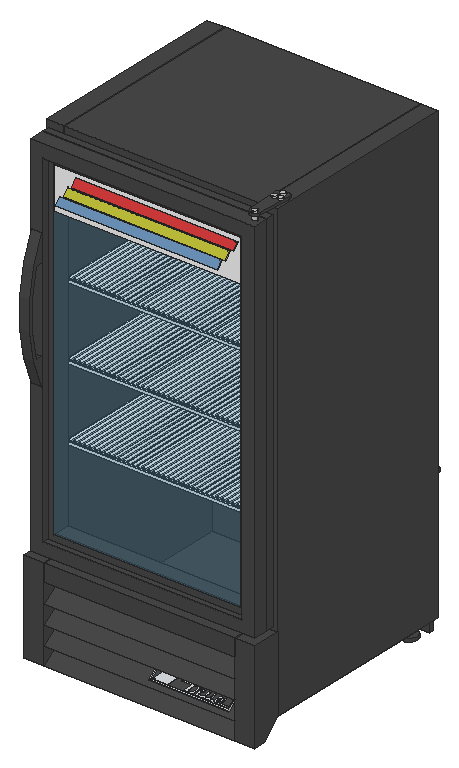
Revit family "QF_TRUE_GDM-08-HC~TSL01", category Specialty Equipment, Revit 2016
Family settings
  Part Type = Normal
  Round Connector Dimension = Use Diameter
  Work Plane-Based = No
  Always vertical = Yes
  Cut with Voids When Loaded = No
  Shared = No
  Room Calculation Point = No
Parameters
  Weight in Pounds = 180
  Watts = Volts * FL Amps  # 195.5 W
  Volts = 115 V
  URL Cutsheet = ""
  Specification by User = ""
  Specification by Manufacturer = ""
  Show Logo [instance] = yes
  Show Default Legs [instance] = not(Show 2.5 Inches Castors)  # yes
  Show Clearance [instance] = yes
  Show 2.5 Inches Castors [instance] = no
  Serial Number = ""
  Seismic Rating = ""
  SMACNA No = ""
  Revision Code = ""
  Phase = 1
  Number of Poles = 1
  NAFEM Spec ID Number = ""
  Model = "GDM-08-HC~TSL01"
  Min Ckt Ampacity = 0 A
  Max Overcurrent Protection = 0 A
  Materials and Finishes [instance] = QF_Plastic - Black - Smooth
  Masterspec = ""
  Manufacturer = "TRUE"
  Length = 23 13/32"
  Item Number = ""
  Installed By = ""
  Identify Quantity as Lot = yes
  Height [instance] = Body Height + Base Height  # 48"
  HP = "1/6"
  Furnished By = ""
  Foodservice Equipment Identifier = yes
  FL Amps = 1.7 A
  Electrical Remarks = ""
  Electric Connection Type = ""
  Elec Conn RI Height = 0"
  Elec Conn Connection Height = 0"
  Description = "SWING DOOR REFRIGERATOR WITH HYDROCARBON REFRIGERANT-TRUE STANDARD LOOK VERSION 01"
  Depth = 24 9/16"  # constant formula
  Cycle = 60 Hz
  Conn Plug = "NEMA 5-15P"
  Conn Conduit = yes
  CSI MasterFormat = ""
  Body Height [instance] = 47 11/16"  # constant formula
  Base Height [instance] = if(Show 2.5 Inches Castors, 2 1/2", 5/16")  # 5/16"
  Apparent Power = 0 VA
Reference planes (in)
  plane 1 "BACK": y = 0
  plane 2: z = 0
  plane 3 "LEFT": x = 0
  plane 4 "RIGHT": x = 23.40625
  plane 5 "FRONT": y = -25.5625
  plane 6 "TOP": z = 48
  plane 7 "Center Y": x = 11.70313
  plane 8 "Center X": y = -12.78125
  plane 9: y = -45.28125
  plane 10: y = -1
  plane 11: y = -23.96875
  plane 12: y = -21.34375
  plane 13: z = 0.3125
Dimensions and locks (in)
  equal spacing: plane 3 "LEFT", plane 7 "Center Y", plane 4 "RIGHT"
  "Length": plane 3 "LEFT" to plane 4 "RIGHT"
  equal spacing: plane 5 "FRONT", plane 8 "Center X", plane 1 "BACK"
  "Depth": plane 5 "FRONT" to plane 10
  "Body Height": plane 6 "TOP" to plane 13
  plane 4 "RIGHT" to plane 3 "LEFT" = 23 13/32"
  plane 10 to plane 1 "BACK" = 1"
  plane 12 to plane 9 = 23 15/16"
  plane 5 "FRONT" to plane 11 = 1 19/32"
  plane 13 to level = 5/16"
  "Base Height": plane 13 to level
  plane 11 to plane 10 = 22 31/32"
  aligned and locked: level to plane 2
  aligned and locked: plane 13 to nested 1
Nested families (in)
  nested 1: "GDM-08-HC-TSL01" at (0, 0, 0), Show Clearance <- "Show Clearance", Show Default Legs <- "Show Default Legs", Show Logo <- "Show Logo", Materials and Finishes <- "Materials and Finishes", type "GDM-08-HC-TSL01"
    with Show Clearance yes
  nested 2: "2.5 INCHES_CASTER" at (2, -21.84375, 0), visible <- "Show 2.5 Inches Castors", type "2.5 INCHES_CASTER"
    with Type Mark "", Specification by User "", Revision Code "", Item Number "", Installed By "", Identify Quantity as Lot yes, Furnished By "", Foodservice Equipment Identifier yes, 2.5 Inches Caster yes
  nested 3: "2.5 INCHES_CASTER" at (21.40625, -21.84375, 0), visible <- "Show 2.5 Inches Castors", type "2.5 INCHES_CASTER"
    with Type Mark "", Specification by User "", Revision Code "", Item Number "", Installed By "", Identify Quantity as Lot yes, Furnished By "", Foodservice Equipment Identifier yes, 2.5 Inches Caster yes
  nested 4: "2.5 INCHES_CASTER" at (2, -2.09375, 0), visible <- "Show 2.5 Inches Castors", type "2.5 INCHES_CASTER"
    with Type Mark "", Specification by User "", Revision Code "", Item Number "", Installed By "", Identify Quantity as Lot yes, Furnished By "", Foodservice Equipment Identifier yes, 2.5 Inches Caster yes
  nested 5: "2.5 INCHES_CASTER" at (21.40625, -2.09375, 0), visible <- "Show 2.5 Inches Castors", type "2.5 INCHES_CASTER"
    with Type Mark "", Specification by User "", Revision Code "", Item Number "", Installed By "", Identify Quantity as Lot yes, Furnished By "", Foodservice Equipment Identifier yes, 2.5 Inches Caster yes
Connectors (in)
  electrical at (11.70312, -0.40625, 7.15625), driven by "Volts", driven by "Watts"
    settings: on nested 1, index 1, voltage 115 V, apparent load 195.5 VA, apparent load phase1 0 VA, apparent load phase2 0 VA, apparent load phase3 0 VA, power factor 1, load classification "Other", number of poles 1, system type 30, power factor state 1, is connector primary yes, connector utility no, sub classification motor no, connector description "ELECTRICAL CONNECTION"
Definition of nested family "GDM-08-HC-TSL01"
  Parameters (values of type "GDM-08-HC-TSL01")
    Weight in Pounds = 0
    Watts = 0 W
    Volts = 0 V
    URL Cutsheet = ""
    Specification by User = ""
    Specification by Manufacturer = ""
    Show Logo [instance] = yes
    Show Default Legs [instance] = yes
    Show Clearance [instance] = yes
    Serial Number = ""
    Seismic Rating = ""
    SMACNA No = ""
    Revision Code = ""
    Phase = 0
    Number of Poles = 1
    NAFEM Spec ID Number = ""
    Model = ""
    Min Ckt Ampacity = 0 A
    Max Overcurrent Protection = 0 A
    Materials and Finishes [instance] = none
    Masterspec = ""
    Manufacturer = ""
    Length = 23 13/32"
    Item Number = ""
    Installed By = ""
    Identify Quantity as Lot = yes
    Height = 48"
    HP = ""
    Furnished By = ""
    Foodservice Equipment Identifier = yes
    FL Amps = 0 A
    Electrical Remarks = ""
    Electric Connection Type = ""
    Elec Conn RI Height = 0"
    Elec Conn Connection Height = 0"
    Description = ""
    Depth = 25 9/16"
    Cycle = 0 Hz
    Conn Plug = ""
    Conn Conduit = yes
    CSI MasterFormat = ""
    Apparent Power = 0 VA
  Reference planes (in)
    plane 1 "BACK": y = 0
    plane 2: z = 0
    plane 3 "LEFT": x = 0
    plane 4 "RIGHT": x = 23.40625
    plane 5 "FRONT": y = -25.5625
    plane 6 "TOP": z = 48
    plane 7 "Center Y": x = 11.70313
    plane 8 "Center X": y = -12.78125
    plane 9: y = -45.28125
    plane 10: y = -1
    plane 11: y = -23.96875
    plane 12: y = -21.34375
    plane 13: z = 10.125
    plane 14: z = 0.3125
    plane 15: z = 2
  Forms (in)
    Extrusion 1, solid, material <- "Materials and Finishes"
      sketch origin (0.03125, -23.90625, 65.13479) x (0, 0, 1) y (1, 0, 0)
        loop
          line (-53.75979, 1.71875) -> (-18.88479, 1.71875) -> (-18.88479, 21.875) -> (-53.75979, 21.875) -> (-53.75979, 1.71875)
        loop
          line (-19.48635, 2.32031) -> (-19.48635, 21.27344) -> (-53.15822, 21.27344) -> (-53.15822, 2.32031) -> (-19.48635, 2.32031)
      from 2.25251 to 0.5
    Extrusion 2, solid, material <- "Materials and Finishes"
      sketch origin (0.03125, -23.90625, 65.13479) x (0, 0, 1) y (1, 0, 0)
        loop
          line (-17.63479, 0.46875) -> (-17.63479, 23.125) -> (-55.00979, 23.125) -> (-55.00979, 0.46875) -> (-17.63479, 0.46875)
        loop
          line (-18.88479, 1.71875) -> (-18.88479, 21.875) -> (-53.75979, 21.875) -> (-53.75979, 1.71875) -> (-18.88479, 1.71875)
      from 1.50251 to -0.0625
    Extrusion 3, solid
      sketch origin (0.03125, -23.90625, 65.13479) x (0, 0, 1) y (1, 0, 0)
        loop
          line (-17.63479, 23.125) -> (-55.00979, 23.125) -> (-55.00979, 0.46875) -> (-17.63479, 0.46875) -> (-17.63479, 23.125)
        loop
          line (-18.88479, 21.96875) -> (-53.75979, 21.96875) -> (-53.75979, 2) -> (-18.88479, 2) -> (-18.88479, 21.96875)
      from 1.50251 to 2.25251
    Extrusion 4, solid
      sketch origin (0.03125, -23.90625, 65.13479) x (0, 0, 1) y (1, 0, 0)
        loop
          line (-18.88479, 1.71875) -> (-18.88479, 21.875) -> (-53.75979, 21.875) -> (-53.75979, 1.71875) -> (-18.88479, 1.71875)
        loop
          line (-18.63479, 1.46875) -> (-18.63479, 22.125) -> (-54.00979, 22.125) -> (-54.00979, 1.46875) -> (-18.63479, 1.46875)
      from 2.25251 to 2.5625
    Extrusion 5, solid, material <- "Materials and Finishes"
      sketch origin (20.40625, -70.21241, 48) x (0, 1, 0) y (-1, 0, 0)
        loop
          line (69.21241, -1.21875) -> (69.21241, 18.625) -> (48.86866, 18.625) -> (48.86866, -1.21875) -> (69.21241, -1.21875)
      from 0 to -1
    Extrusion 6, solid, material <- "Materials and Finishes"
      sketch origin (0.03125, 2.46875, 12.51562) x (0, 1, 0) y (0, 0, 1)
        loop
          line (-3.46875, 34.48438) -> (-5.125, 34.48438) -> (-5.125, -9.51562) -> (-23.8125, -9.51562) -> (-23.8125, -10.51562) -> (-3.46875, -10.51562) -> (-3.46875, 34.48438)
      from 1.75 to 21.59375
    Extrusion 7, solid, material <- "Materials and Finishes"
      sketch origin (2.80126, 2.40625, 12.51562) x (1, 0, 0) y (0, 1, 0)
        loop
          arc (19.40165, -21.39984) -> (19.03744, -21.55726) -> (18.90258, -21.93042) r 0.5
          line (18.90258, -21.93042) -> (19.11273, -25.35979)
          arc (19.11273, -25.35979) -> (19.6118, -25.82921) -> (20.11086, -25.35979) r 0.5
          line (20.11086, -25.35979) -> (20.32101, -21.93042)
          arc (20.32101, -21.93042) -> (20.18615, -21.55726) -> (19.82195, -21.39984) r 0.5
          line (19.82195, -21.39984) -> (19.40165, -21.39984)
      from 35.48438 to 35.67188
    Extrusion 8, solid, material <- "Materials and Finishes"
      sketch origin (0.03125, 2.46875, 12.51562) x (0, -1, 0) y (0, 0, 1)
        loop
          line (3.46875, 35.48438) -> (3.46875, -10.51562) -> (23.8125, -10.51562) -> (23.8125, 35.48438) -> (3.46875, 35.48438)
      from 0.03125 to -1.75
    Extrusion 9, solid
      sketch origin (1.35156, -21.28125, -31.97656) x (-1, 0, 0) y (0, 0, 1)
        loop
          line (-1, 77.625) -> (-19.95313, 77.625) -> (-19.95313, 73.375) -> (-1, 73.375) -> (-1, 77.625)
      from -0.37249 to -2.125
    Extrusion 10, solid
      sketch origin (1.35156, -23.40625, -30.72656) x (1, 0, 0) y (0, 0, 1)
        loop
          line (2.10165, 73.75) -> (18.48438, 73.75) -> (18.86824, 74.75) -> (2.48552, 74.75) -> (2.10165, 73.75)
      from 0 to 0.03125
    Extrusion 11, solid
      sketch origin (1.35156, -23.40625, -31.72656) x (1, 0, 0) y (0, 0, 1)
        loop
          line (3.30123, 76.875) -> (2.91736, 75.875) -> (19.2841, 75.875) -> (19.66797, 76.875) -> (3.30123, 76.875)
      from 0 to 0.03125
    Extrusion 12, solid
      sketch origin (1.35156, -23.40625, -29.72656) x (1, 0, 0) y (0, 0, 1)
        loop
          line (1.28594, 71.625) -> (17.66301, 71.625) -> (18.04688, 72.625) -> (1.66981, 72.625) -> (1.28594, 71.625)
      from 0 to 0.03125
    Extrusion 13, solid, material <- "Materials and Finishes"
      sketch origin (23.375, 2.46875, 12.51562) x (0, -1, 0) y (0, 0, -1)
        loop
          line (3.46875, -35.48438) -> (23.8125, -35.48438) -> (23.8125, 10.51562) -> (3.46875, 10.51562) -> (3.46875, -35.48438)
      from 0.03125 to -1.75
    Extrusion 14, solid, material <- "Materials and Finishes"
      sketch origin (0, -0.53125, -2.1875) x (0, 1, 0) y (0, 0, 1)
        loop
          line (-0.46875, 2.5) -> (0, 2.5) -> (0, 16.1875) -> (-0.46875, 16.1875) -> (-0.46875, 2.5)
      from 0.89063 to 22.51562
    Extrusion 15, solid, material <- "Materials and Finishes"
      sketch origin (0, 0, 0) x (0, 1, 0) y (0, 0, 1)
        loop
          line (-21.34375, 9.625) -> (-24.20354, 9.625) -> (-24.20354, 0.3125) -> (-23.03125, 0.3125) -> (-21.34375, 2) -> (-21.34375, 9.625)
      from 0 to 2
    Extrusion 16, solid, material <- "Materials and Finishes"
      sketch origin (23.40625, 0, 0) x (0, 1, 0) y (0, 0, -1)
        loop
          line (-21.34375, -9.625) -> (-21.34375, -2) -> (-23.03125, -0.3125) -> (-24.20354, -0.3125) -> (-24.20354, -9.625) -> (-21.34375, -9.625)
      from 0 to 2
    Extrusion 17, solid
      sketch origin (0, 0, 0) x (0, 1, 0) y (0, 0, 1)
        loop
          line (-22.86623, 0.47752) -> (-22.86623, 0.3125) -> (-1, 0.3125) -> (-1, 2) -> (-21.34375, 2) -> (-22.86623, 0.47752)
      from 1.78125 to 21.625
    Extrusion 18, solid, material <- "Materials and Finishes"
      sketch origin (2, 0, 0) x (0, 1, 0) y (0, 0, 1)
        loop
          line (-24.20354, 9.625) -> (-24.20354, 7.875) -> (-21.40384, 7.875) -> (-24.20354, 5.88192) -> (-23.74627, 5.88192) -> (-21.34375, 7.61566) -> (-21.34375, 9.625) -> (-24.20354, 9.625)
        loop
          line (-21.34375, 6.04694) -> (-24.20354, 4.01463) -> (-23.74627, 4.01463) -> (-21.34375, 5.74837) -> (-21.34375, 6.04694)
        loop
          line (-21.34375, 3.88108) -> (-21.34375, 4.17966) -> (-24.20354, 2.11927) -> (-23.78927, 2.11927) -> (-21.34375, 3.88108)
        loop
          line (-21.34375, 2.37289) -> (-24.20354, 0.3125) -> (-23.03125, 0.3125) -> (-21.34375, 2) -> (-21.34375, 2.37289)
      from 0 to 19.40625
    Extrusion 19, solid
      sketch origin (-6.9261, -177.53125, 33.91806) x (-1, 0, 0) y (0, -1, 0)
        loop
          line (-8.70735, -174.875) -> (-8.70735, -156.1875) -> (-28.5511, -156.1875) -> (-28.5511, -174.875) -> (-8.70735, -174.875)
        loop
          line (-8.95735, -174.625) -> (-8.95735, -156.375) -> (-28.3011, -156.375) -> (-28.3011, -174.625) -> (-8.95735, -174.625)
      from 0 to 0.25
    Extrusion 20, solid
      sketch origin (0.03125, 2.46875, 7.43369) x (1, 0, 0) y (0, 0, 1)
        loop
          circle (10.17187, 26.73438) r 0.125
        loop
          circle (9.67187, 26.73438) r 0.125
        loop
          circle (9.17187, 26.73438) r 0.125
        loop
          circle (8.67187, 26.73438) r 0.125
        loop
          circle (8.17187, 26.73438) r 0.125
        loop
          circle (7.67187, 26.73438) r 0.125
        loop
          circle (7.17187, 26.73438) r 0.125
        loop
          circle (6.67187, 26.73438) r 0.125
        loop
          circle (6.17187, 26.73438) r 0.125
        loop
          circle (5.67187, 26.73438) r 0.125
        loop
          circle (5.17187, 26.73438) r 0.125
        loop
          circle (4.67187, 26.73438) r 0.125
        loop
          circle (4.17187, 26.73438) r 0.125
        loop
          circle (3.67187, 26.73438) r 0.125
        loop
          circle (3.17187, 26.73438) r 0.125
        loop
          circle (2.67187, 26.73438) r 0.125
        loop
          circle (2.17187, 26.73438) r 0.125
        loop
          circle (10.67187, 26.73438) r 0.125
        loop
          circle (11.17187, 26.73438) r 0.125
        loop
          circle (11.67187, 26.73438) r 0.125
        loop
          circle (13.17188, 26.73438) r 0.125
        loop
          circle (13.67188, 26.73438) r 0.125
        loop
          circle (14.17188, 26.73438) r 0.125
        loop
          circle (14.67188, 26.73438) r 0.125
        loop
          circle (15.17188, 26.73438) r 0.125
        loop
          circle (15.67188, 26.73438) r 0.125
        loop
          circle (16.17188, 26.73438) r 0.125
        loop
          circle (16.67188, 26.73438) r 0.125
        loop
          circle (17.17188, 26.73438) r 0.125
        loop
          circle (17.67188, 26.73438) r 0.125
        loop
          circle (18.17188, 26.73438) r 0.125
        loop
          circle (18.67188, 26.73438) r 0.125
        loop
          circle (19.17188, 26.73438) r 0.125
        loop
          circle (19.67188, 26.73438) r 0.125
        loop
          circle (20.17188, 26.73438) r 0.125
        loop
          circle (20.67188, 26.73438) r 0.125
        loop
          circle (21.17188, 26.73438) r 0.125
        loop
          circle (12.67188, 26.73438) r 0.125
        loop
          circle (12.17188, 26.73438) r 0.125
      from 5.375 to 23.625
    Revolve 21, solid, material <- "Materials and Finishes"
      sketch origin (0.89063, 0, 0) x (0, 1, 0) y (0, 0, 1)
        loop
          line (-0.51473, 15.38667) -> (-1, 15.38667) -> (-1, 14.87193) -> (0, 14.87193)
          arc (0, 14.87193) -> (-0.15076, 15.2359) -> (-0.51473, 15.38667) r 0.51473
        axis (-1, 14.87193) -> (0, 14.87193)
      angle from 0 to 360
    Revolve 22, solid, material <- "Materials and Finishes"
      sketch origin (22.51562, 0, 0) x (0, 1, 0) y (0, 0, -1)
        loop
          arc (-0.51473, -15.38667) -> (-0.15076, -15.2359) -> (0, -14.87193) r 0.51473
          line (0, -14.87193) -> (-1, -14.87193) -> (-1, -15.38667) -> (-0.51473, -15.38667)
        axis (-1, -14.87193) -> (0, -14.87193)
      angle from 0 to 360
    Extrusion 23, solid
      sketch origin (0.03125, -23.40625, 65.13479) x (0, 0, -1) y (1, 0, 0)
        loop
          line (23.73635, 2.32031) -> (53.15822, 2.32031) -> (53.15822, 21.27344) -> (23.73635, 21.27344) -> (23.73635, 2.32031)
      from 0 to -0.125
    Extrusion 24, solid, material <- "Materials and Finishes"
      sketch origin (0.375, 2.40625, 15.31262) x (0, 1, 0) y (0, 0, 1)
        loop
          arc (-26.375, 24.08582) -> (-27.96875, 17.09363) -> (-26.375, 10.10144) r 16.13513
          line (-26.375, 10.10144) -> (-26.375, 12.85144) -> (-27.14183, 12.85144)
          arc (-27.14183, 12.85144) -> (-27.71875, 17.09363) -> (-27.14183, 21.33582) r 15.88513
          line (-27.14183, 21.33582) -> (-26.375, 21.33582) -> (-26.375, 24.08582)
      from 0.25 to 1.25
    Extrusion 25, solid
      sketch origin (2.79169, 2.40625, 12.51562) x (1, 0, 0) y (0, 1, 0)
        loop
          circle (19.6118, -21.78078) r 0.25
        loop
          circle (19.30218, -22.51019) r 0.25
        loop
          circle (19.92141, -22.51019) r 0.25
      from 35.48438 to 35.77334
    Extrusion 26, solid
      sketch origin (2.79169, 2.40625, 48.28896) x (1, 0, 0) y (0, 1, 0)
        loop
          circle (19.6118, -25.35979) r 0.25
      from 0 to -38.53125
    Extrusion 27, solid, visible <- "Show Clearance", detail levels coarse
      sketch origin (23.15625, -23.90625, 10.125) x (0, -1, 0) y (-1, 0, 0)
        loop
          line (0.0625, 22.65625) -> (0.0625, 0) -> (21.375, 0)
          arc (21.375, 0) -> (15.10473, 15.45397) -> (0.0625, 22.65625) r 23.09541
      from 0 to -37.375
    Revolve 28, solid, visible <- "Show Default Legs"
      sketch origin (2, 0, 0) x (0, 1, 0) y (0, 0, 1)
        loop
          line (-21.84375, 0) -> (-21.84375, 0.3125) -> (-22.6184, 0.3125) -> (-22.6184, 0) -> (-21.84375, 0)
        axis (-21.84375, 0) -> (-21.84375, 0.3125)
      angle from 0 to 360
    Revolve 29, solid, visible <- "Show Default Legs"
      sketch origin (2, 19.75, 0) x (0, 1, 0) y (0, 0, 1)
        loop
          line (-21.84375, 0) -> (-21.84375, 0.3125) -> (-22.6184, 0.3125) -> (-22.6184, 0) -> (-21.84375, 0)
        axis (-21.84375, 0) -> (-21.84375, 0.3125)
      angle from 0 to 360
    Revolve 30, solid, visible <- "Show Default Legs"
      sketch origin (21.40625, 0, 0) x (0, 1, 0) y (0, 0, -1)
        loop
          line (-21.84375, 0) -> (-22.6184, 0) -> (-22.6184, -0.3125) -> (-21.84375, -0.3125) -> (-21.84375, 0)
        axis (-21.84375, 0) -> (-21.84375, -0.3125)
      angle from 0 to 360
    Revolve 31, solid, visible <- "Show Default Legs"
      sketch origin (21.40625, 19.75, 0) x (0, 1, 0) y (0, 0, -1)
        loop
          line (-21.84375, 0) -> (-22.6184, 0) -> (-22.6184, -0.3125) -> (-21.84375, -0.3125) -> (-21.84375, 0)
        axis (-21.84375, 0) -> (-21.84375, -0.3125)
      angle from 0 to 360
    Extrusion 32, solid, material <- "Materials and Finishes"
      sketch origin (0, -0.53125, 0.3125) x (0, 0, 1) y (1, 0, 0)
        loop
          circle (6.84375, 11.70312) r 0.25
      from 0 to 0.125
    Extrusion 33, solid
      sketch origin (-6.9261, -177.53125, 26.56256) x (-1, 0, 0) y (0, -1, 0)
        loop
          line (-8.70735, -174.875) -> (-8.70735, -156.1875) -> (-28.5511, -156.1875) -> (-28.5511, -174.875) -> (-8.70735, -174.875)
        loop
          line (-8.95735, -174.625) -> (-8.95735, -156.375) -> (-28.3011, -156.375) -> (-28.3011, -174.625) -> (-8.95735, -174.625)
      from 0 to 0.25
    Extrusion 34, solid
      sketch origin (0.03125, 2.46875, 0.07819) x (1, 0, 0) y (0, 0, 1)
        loop
          circle (10.17187, 26.73438) r 0.125
        loop
          circle (9.67187, 26.73438) r 0.125
        loop
          circle (9.17187, 26.73438) r 0.125
        loop
          circle (8.67187, 26.73438) r 0.125
        loop
          circle (8.17187, 26.73438) r 0.125
        loop
          circle (7.67187, 26.73438) r 0.125
        loop
          circle (7.17187, 26.73438) r 0.125
        loop
          circle (6.67187, 26.73438) r 0.125
        loop
          circle (6.17187, 26.73438) r 0.125
        loop
          circle (5.67187, 26.73438) r 0.125
        loop
          circle (5.17187, 26.73438) r 0.125
        loop
          circle (4.67187, 26.73438) r 0.125
        loop
          circle (4.17187, 26.73438) r 0.125
        loop
          circle (3.67187, 26.73438) r 0.125
        loop
          circle (3.17187, 26.73438) r 0.125
        loop
          circle (2.67187, 26.73438) r 0.125
        loop
          circle (2.17187, 26.73438) r 0.125
        loop
          circle (10.67187, 26.73438) r 0.125
        loop
          circle (11.17187, 26.73438) r 0.125
        loop
          circle (11.67187, 26.73438) r 0.125
        loop
          circle (13.17188, 26.73438) r 0.125
        loop
          circle (13.67188, 26.73438) r 0.125
        loop
          circle (14.17188, 26.73438) r 0.125
        loop
          circle (14.67188, 26.73438) r 0.125
        loop
          circle (15.17188, 26.73438) r 0.125
        loop
          circle (15.67188, 26.73438) r 0.125
        loop
          circle (16.17188, 26.73438) r 0.125
        loop
          circle (16.67188, 26.73438) r 0.125
        loop
          circle (17.17188, 26.73438) r 0.125
        loop
          circle (17.67188, 26.73438) r 0.125
        loop
          circle (18.17188, 26.73438) r 0.125
        loop
          circle (18.67188, 26.73438) r 0.125
        loop
          circle (19.17188, 26.73438) r 0.125
        loop
          circle (19.67188, 26.73438) r 0.125
        loop
          circle (20.17188, 26.73438) r 0.125
        loop
          circle (20.67188, 26.73438) r 0.125
        loop
          circle (21.17188, 26.73438) r 0.125
        loop
          circle (12.67188, 26.73438) r 0.125
        loop
          circle (12.17188, 26.73438) r 0.125
      from 5.375 to 23.625
    Extrusion 35, solid
      sketch origin (-6.9261, -177.53125, 19.20706) x (-1, 0, 0) y (0, -1, 0)
        loop
          line (-8.70735, -174.875) -> (-8.70735, -156.1875) -> (-28.5511, -156.1875) -> (-28.5511, -174.875) -> (-8.70735, -174.875)
        loop
          line (-8.95735, -174.625) -> (-8.95735, -156.375) -> (-28.3011, -156.375) -> (-28.3011, -174.625) -> (-8.95735, -174.625)
      from 0 to 0.25
    Extrusion 36, solid
      sketch origin (0.03125, 2.46875, -7.27731) x (1, 0, 0) y (0, 0, 1)
        loop
          circle (10.17187, 26.73438) r 0.125
        loop
          circle (9.67187, 26.73438) r 0.125
        loop
          circle (9.17187, 26.73438) r 0.125
        loop
          circle (8.67187, 26.73438) r 0.125
        loop
          circle (8.17187, 26.73438) r 0.125
        loop
          circle (7.67187, 26.73438) r 0.125
        loop
          circle (7.17187, 26.73438) r 0.125
        loop
          circle (6.67187, 26.73438) r 0.125
        loop
          circle (6.17187, 26.73438) r 0.125
        loop
          circle (5.67187, 26.73438) r 0.125
        loop
          circle (5.17187, 26.73438) r 0.125
        loop
          circle (4.67187, 26.73438) r 0.125
        loop
          circle (4.17187, 26.73438) r 0.125
        loop
          circle (3.67187, 26.73438) r 0.125
        loop
          circle (3.17187, 26.73438) r 0.125
        loop
          circle (2.67187, 26.73438) r 0.125
        loop
          circle (2.17187, 26.73438) r 0.125
        loop
          circle (10.67187, 26.73438) r 0.125
        loop
          circle (11.17187, 26.73438) r 0.125
        loop
          circle (11.67187, 26.73438) r 0.125
        loop
          circle (13.17188, 26.73438) r 0.125
        loop
          circle (13.67188, 26.73438) r 0.125
        loop
          circle (14.17188, 26.73438) r 0.125
        loop
          circle (14.67188, 26.73438) r 0.125
        loop
          circle (15.17188, 26.73438) r 0.125
        loop
          circle (15.67188, 26.73438) r 0.125
        loop
          circle (16.17188, 26.73438) r 0.125
        loop
          circle (16.67188, 26.73438) r 0.125
        loop
          circle (17.17188, 26.73438) r 0.125
        loop
          circle (17.67188, 26.73438) r 0.125
        loop
          circle (18.17188, 26.73438) r 0.125
        loop
          circle (18.67188, 26.73438) r 0.125
        loop
          circle (19.17188, 26.73438) r 0.125
        loop
          circle (19.67188, 26.73438) r 0.125
        loop
          circle (20.17188, 26.73438) r 0.125
        loop
          circle (20.67188, 26.73438) r 0.125
        loop
          circle (21.17188, 26.73438) r 0.125
        loop
          circle (12.67188, 26.73438) r 0.125
        loop
          circle (12.17188, 26.73438) r 0.125
      from 5.375 to 23.625
  Lines and regions (in)
    symbolic lines
      curve 1: line (0, -21.34375, 0) -> (21.81534, -21.34375, 0)
      curve 2: line (0, -1, 0) -> (0, -24.20354, 0)
      curve 3: line (23.40625, -1, 0) -> (0, -1, 0)
      curve 4: line (23.40625, -24.20354, 0) -> (23.40625, -1, 0)
      curve 5: arc (1.40536, -0.51473, 0) -> (0.89063, 0, 0) -> (0.37589, -0.51473, 0) r 0.51473
      curve 6: line (0.37589, -0.51473, 0) -> (0.37589, -1, 0)
      curve 7: line (1.40536, -0.51473, 0) -> (1.40536, -1, 0)
      curve 8: arc (22.00089, -0.51473, 0) -> (22.51562, 0, 0) -> (23.03036, -0.51473, 0) r 0.51473
      curve 9: line (23.03036, -0.51473, 0) -> (23.03036, -1, 0)
      curve 10: line (22.00089, -0.51473, 0) -> (22.00089, -1, 0)
      curve 11: line (22.00089, -0.53125, 0) -> (1.40536, -0.53125, 0)
      curve 12: line (1.78125, -21.34375, 0) -> (1.78125, -1, 0)
      curve 13: line (21.625, -1, 0) -> (21.625, -21.34375, 0)
      curve 14: line (0.5, -23.96875, 0) -> (23.15625, -23.96875, 0)
      curve 15: line (0.5, -21.65374, 0) -> (0.5, -23.96875, 0)
      curve 16: line (23.15625, -21.65374, 0) -> (22.99177, -21.65374, 0)
      curve 17: line (23.15625, -23.96875, 0) -> (23.15625, -21.65374, 0)
      curve 18: line (21.70384, -19.52417, 0) -> (21.91399, -22.95354, 0)
      curve 19: arc (21.91399, -22.95354, 0) -> (22.41306, -23.42296, 0) -> (22.91212, -22.95354, 0) r 0.5
      curve 20: line (22.91212, -22.95354, 0) -> (23.12227, -19.52417, 0)
      curve 21: arc (23.12227, -19.52417, 0) -> (22.98741, -19.15101, 0) -> (22.62321, -18.99359, 0) r 0.5
      curve 22: line (22.62321, -18.99359, 0) -> (22.2029, -18.99359, 0)
      curve 23: arc (22.2029, -18.99359, 0) -> (21.8387, -19.15101, 0) -> (21.70384, -19.52417, 0) r 0.5
      curve 24: arc (21.84387, -20.10394, 0) -> (22.09387, -20.35394, 0) -> (22.34387, -20.10394, 0) r 0.25
      curve 25: arc (22.34387, -20.10394, 0) -> (22.09387, -19.85394, 0) -> (21.84387, -20.10394, 0) r 0.25
      curve 26: arc (22.15349, -19.37453, 0) -> (22.40349, -19.62453, 0) -> (22.65349, -19.37453, 0) r 0.25
      curve 27: arc (22.65349, -19.37453, 0) -> (22.40349, -19.12453, 0) -> (22.15349, -19.37453, 0) r 0.25
      curve 28: arc (22.9631, -20.10394, 0) -> (22.7131, -19.85394, 0) -> (22.4631, -20.10394, 0) r 0.25
      curve 29: arc (22.4631, -20.10394, 0) -> (22.7131, -20.35394, 0) -> (22.9631, -20.10394, 0) r 0.25
      curve 30: arc (22.65349, -22.95354, 0) -> (22.40349, -22.70354, 0) -> (22.15349, -22.95354, 0) r 0.25
      curve 31: arc (22.15349, -22.95354, 0) -> (22.40349, -23.20354, 0) -> (22.65349, -22.95354, 0) r 0.25
      curve 32: line (0.5, -22.40374, 0) -> (21.8803, -22.40374, 0)
      curve 33: line (23.15625, -22.40374, 0) -> (22.94581, -22.40374, 0)
      curve 34: line (0, -24.20354, 0) -> (0.625, -24.20354, 0)
      curve 35: line (0.625, -25.5625, 0) -> (0.625, -23.96875, 0)
      curve 36: line (0.625, -25.5625, 0) -> (1.625, -25.5625, 0)
      curve 37: line (1.625, -25.5625, 0) -> (1.625, -23.96875, 0)
      curve 38: line (1.625, -24.20354, 0) -> (23.40625, -24.20354, 0)
      curve 39: line (23.01077, -21.34375, 0) -> (23.40625, -21.34375, 0)
      curve 40: line (21.83434, -21.65374, 0) -> (0.5, -21.65374, 0)
      curve 41: line (23.15625, -23.96875, 0) -> (4.23814, -34.89113, 0)
      curve 42: arc (4.23814, -34.89113, 0) -> (1.67562, -29.66727, 0) -> (0.5, -23.96875, 0) r 23.09541
  Dimensions and locks (in)
    equal spacing: plane 3 "LEFT", plane 7 "Center Y", plane 4 "RIGHT"
    "Length": plane 3 "LEFT" to plane 4 "RIGHT"
    equal spacing: plane 5 "FRONT", plane 8 "Center X", plane 1 "BACK"
    "Depth": plane 5 "FRONT" to plane 1 "BACK"
    "Height": plane 6 "TOP" to level
    plane 4 "RIGHT" to plane 3 "LEFT" = 23 13/32"
    plane 10 to plane 1 "BACK" = 1"
    plane 11 to plane 10 = 22 31/32"
    plane 5 "FRONT" to plane 10 = 24 9/16"
    plane 10 to plane 9 = 44 9/32"
    plane 12 to plane 9 = 23 15/16"
    plane 5 "FRONT" to plane 11 = 1 19/32"
    plane 14 to level = 5/16"
    plane 15 to level = 2"
    Extrusion 7 to plane 6 "TOP" to level = 3/16", 48"
    Extrusion 16 to level = 5/16"
    equal spacing: Extrusion 14, Extrusion 32 sketch curve, Extrusion 15
    aligned and locked: level to plane 2
  Automatic sketch dimensions
    curve 24 to curve 25 = 0"  (x2)
    curve 26 to curve 27 = 0"  (x2)
    curve 28 to curve 29 = 0"  (x2)
    curve 30 to curve 31 = 0"  (x2)
    curve 3 to plane 3 "LEFT" = 0"
    curve 6 to plane 10 = 0"
    curve 42 to plane 11 = 0"
    plane 5 "FRONT" to curve 35 = 0"
    curve 12 to plane 12 = 0"
    curve 39 to plane 12 = 0"
    curve 38 to plane 4 "RIGHT" = 0"
    plane 3 "LEFT" to curve 6 = 0.37589"
    plane 3 "LEFT" to curve 15 = 1/2"
    plane 3 "LEFT" to curve 35 = 5/8"
    curve 5 to curve 5 = 0.51473"
    curve 35 to curve 37 = 1"
    plane 3 "LEFT" to curve 41 = 4.23814"
    plane 4 "RIGHT" to curve 18 = 1.70241"
    plane 4 "RIGHT" to curve 18 = 1.49226"
    plane 10 to curve 10 = 0.48527"
    plane 4 "RIGHT" to curve 10 = 1.40536"
    curve 18 to curve 24 = 0.39003"
    curve 18 to curve 22 = 0.49906"
    curve 23 to curve 26 = 0.20058"
    curve 19 to curve 30 = 0.48949"
    curve 30 to curve 19 = 0.00957"
    curve 8 to curve 8 = 0.51473"
    curve 22 to curve 22 = 0.4203"
    curve 21 to curve 29 = 0.08989"
    plane 4 "RIGHT" to curve 20 = 0.49413"
    plane 4 "RIGHT" to curve 20 = 0.28398"
    plane 4 "RIGHT" to curve 16 = 1/4"
    curve 42 to plane 4 "RIGHT" = 0.12047"
    plane 5 "FRONT" to curve 41 = 9.32863"
    curve 4 to plane 11 = 0.23479"
    curve 2 to plane 11 = 0.23479"
    curve 20 to curve 42 = 0.76473"
    curve 19 to curve 30 = 0"
    curve 30 to curve 19 = 0.03058"
    curve 17 to plane 12 = 0.30999"
    curve 40 to plane 12 = 0.30999"
    plane 12 to curve 29 = 1.23981"
    curve 24 to curve 28 = 0"
    curve 25 to curve 18 = 0.57977"
    curve 28 to curve 20 = 0.57977"
    curve 18 to curve 23 = 0.03058"
    curve 23 to curve 27 = 0.11906"
    curve 6 to curve 6 = 0.48527"
    curve 7 to curve 12 = 0.37589"
    curve 13 to curve 1 = 0.19034"
    curve 24 to curve 24 = 1/4"
    curve 32 to curve 19 = 0.03369"
    curve 19 to curve 31 = 0.23949"
    curve 27 to curve 23 = 0.04942"
    curve 24 to curve 29 = 0.11923"
    curve 33 to curve 33 = 0.21044"
    curve 11 to curve 8 = 0.01652"
    plane 3 "LEFT" to Extrusion 1 sketch curve = 1 3/4"
    Extrusion 1 sketch curve to Extrusion 1 sketch curve = 77/128"  (x4)
    Extrusion 1 sketch curve to plane 6 "TOP" = 2 45/128"
    plane 4 "RIGHT" to Extrusion 1 sketch curve = 2 13/128"
    Extrusion 2 sketch curve to plane 13 = 0"
    plane 13 to Extrusion 2 sketch curve = 1 1/4"
    Extrusion 2 sketch curve to plane 6 "TOP" = 1 3/4"
    Extrusion 2 sketch curve to plane 6 "TOP" = 1/2"
    plane 3 "LEFT" to Extrusion 2 sketch curve = 1/2"
    plane 3 "LEFT" to Extrusion 2 sketch curve = 1 3/4"
    plane 4 "RIGHT" to Extrusion 2 sketch curve = 1 1/2"
    plane 4 "RIGHT" to Extrusion 2 sketch curve = 1/4"
    plane 4 "RIGHT" to Extrusion 3 sketch curve = 1/4"
    Extrusion 3 sketch curve to Extrusion 3 sketch curve = 1 1/4"
    Extrusion 3 sketch curve to plane 6 "TOP" = 1 3/4"
    Extrusion 3 sketch curve to plane 6 "TOP" = 1/2"
    plane 4 "RIGHT" to Extrusion 3 sketch curve = 1 13/32"
    plane 3 "LEFT" to Extrusion 3 sketch curve = 2 1/32"
    plane 3 "LEFT" to Extrusion 3 sketch curve = 1/2"
    plane 3 "LEFT" to Extrusion 4 sketch curve = 1 1/2"
    Extrusion 4 sketch curve to Extrusion 4 sketch curve = 1/4"  (x4)
    Extrusion 4 sketch curve to plane 6 "TOP" = 1 3/4"
    plane 4 "RIGHT" to Extrusion 4 sketch curve = 1 1/2"
    Extrusion 5 sketch curve to plane 12 = 0"
    Extrusion 5 sketch curve to plane 10 = 0"
    plane 4 "RIGHT" to Extrusion 5 sketch curve = 1 25/32"
    plane 3 "LEFT" to Extrusion 5 sketch curve = 1 25/32"
    Extrusion 6 sketch curve to plane 12 = 0"
    Extrusion 6 sketch curve to plane 10 = 0"
    Extrusion 6 sketch curve to plane 15 = 0"
    Extrusion 6 sketch curve to plane 10 = 1 21/32"
    plane 15 to Extrusion 6 sketch curve = 1"
    Extrusion 6 sketch curve to plane 6 "TOP" = 1"
    plane 4 "RIGHT" to Extrusion 7 sketch curve = 1.70241"
    plane 4 "RIGHT" to Extrusion 7 sketch curve = 1.49226"
    Extrusion 7 sketch curve to Extrusion 7 sketch curve = 0.49906"  (x2)
    Extrusion 7 sketch curve to Extrusion 7 sketch curve = 0.4203"
    plane 4 "RIGHT" to Extrusion 7 sketch curve = 0.49413"
    plane 4 "RIGHT" to Extrusion 7 sketch curve = 0.28398"
    plane 11 to Extrusion 7 sketch curve = 1.01521"
    Extrusion 7 sketch curve to Extrusion 7 sketch curve = 0.03058"  (x2)
    plane 12 to Extrusion 7 sketch curve = 1.81958"
    Extrusion 7 sketch curve to Extrusion 7 sketch curve = 0"
    Extrusion 8 sketch curve to plane 10 = 0"
    Extrusion 8 sketch curve to plane 12 = 0"
    Extrusion 8 sketch curve to plane 6 "TOP" = 0"
    plane 14 to Extrusion 8 sketch curve = 1 11/16"
    plane 4 "RIGHT" to Extrusion 9 sketch curve = 2 13/128"
    plane 3 "LEFT" to Extrusion 9 sketch curve = 2 45/128"
    Extrusion 9 sketch curve to plane 6 "TOP" = 6 77/128"
    Extrusion 9 sketch curve to plane 6 "TOP" = 2 45/128"
    Extrusion 10 sketch curve to Extrusion 9 = 1.10165"
    Extrusion 10 sketch curve to Extrusion 10 sketch curve = 0.38386"  (x2)
    Extrusion 10 sketch curve to Extrusion 9 = 1 15/32"
    Extrusion 10 sketch curve to Extrusion 9 = 1 5/8"
    Extrusion 10 sketch curve to Extrusion 10 sketch curve = 1"
    Extrusion 11 sketch curve to Extrusion 9 = 1.91736"
    Extrusion 11 sketch curve to Extrusion 9 = 1/2"
    Extrusion 11 sketch curve to Extrusion 11 sketch curve = 0.38386"
    Extrusion 11 sketch curve to Extrusion 9 = 0.66902"
    Extrusion 11 sketch curve to Extrusion 9 = 73/256"
    Extrusion 11 sketch curve to Extrusion 11 sketch curve = 1"
    Extrusion 12 sketch curve to Extrusion 9 = 0.28594"
    Extrusion 12 sketch curve to Extrusion 9 = 0.66981"
    Extrusion 12 sketch curve to Extrusion 9 = 1/2"
    Extrusion 12 sketch curve to Extrusion 9 = 2.29011"
    Extrusion 12 sketch curve to Extrusion 12 sketch curve = 0.38386"
    Extrusion 12 sketch curve to Extrusion 12 sketch curve = 1"
    Extrusion 13 sketch curve to plane 10 = 0"
    Extrusion 13 sketch curve to plane 12 = 0"
    Extrusion 13 sketch curve to plane 6 "TOP" = 0"
    plane 14 to Extrusion 13 sketch curve = 1 11/16"
    Extrusion 14 sketch curve to plane 10 = 0"
    Extrusion 14 sketch curve to plane 14 = 0"
    plane 10 to Extrusion 14 sketch curve = 15/32"
    Extrusion 15 sketch curve to plane 14 = 0"
    Extrusion 15 sketch curve to plane 12 = 0"
    plane 11 to Extrusion 15 sketch curve = 15/16"
    Extrusion 15 sketch curve to plane 11 = 0.23479"
    plane 14 to Extrusion 15 sketch curve = 1 11/16"
    Extrusion 15 sketch curve to Extrusion 15 sketch curve = 7 5/8"
    Extrusion 16 sketch curve to plane 14 = 0"
    Extrusion 16 sketch curve to plane 12 = 0"
    plane 11 to Extrusion 16 sketch curve = 15/16"
    Extrusion 16 sketch curve to plane 11 = 0.23479"
    plane 14 to Extrusion 16 sketch curve = 1 11/16"
    Extrusion 16 sketch curve to Extrusion 16 sketch curve = 7 5/8"
    Extrusion 17 sketch curve to plane 14 = 0"
    Extrusion 17 sketch curve to plane 12 = 0"
    Extrusion 17 sketch curve to plane 10 = 0"
    plane 11 to Extrusion 17 sketch curve = 1.10252"
    plane 14 to Extrusion 17 sketch curve = 0.16502"
    plane 14 to Extrusion 17 sketch curve = 1 11/16"
    Extrusion 18 sketch curve to Extrusion 15 = 0"  (x11)
    Extrusion 15 to Extrusion 18 sketch curve = 0"  (x2)
    Extrusion 18 sketch curve to Extrusion 18 sketch curve = 0.41427"
    Extrusion 18 sketch curve to Extrusion 18 sketch curve = 0.45727"  (x2)
    Extrusion 18 sketch curve to Extrusion 15 = 0.06009"
    Extrusion 18 sketch curve to Extrusion 15 = 1.80677"
    Extrusion 18 sketch curve to Extrusion 18 sketch curve = 0.37289"
    Extrusion 18 sketch curve to Extrusion 18 sketch curve = 1.5082"
    Extrusion 18 sketch curve to Extrusion 18 sketch curve = 1.89536"
    Extrusion 18 sketch curve to Extrusion 18 sketch curve = 0.29857"  (x2)
    Extrusion 18 sketch curve to Extrusion 18 sketch curve = 1.56871"  (x2)
    Extrusion 18 sketch curve to Extrusion 18 sketch curve = 1.86729"
    Extrusion 18 sketch curve to Extrusion 18 sketch curve = 1 3/4"
    Extrusion 19 sketch curve to plane 12 = 0"
    plane 4 "RIGHT" to Extrusion 19 sketch curve = 1 25/32"
    Extrusion 19 sketch curve to Extrusion 19 sketch curve = 1/4"  (x3)
    plane 12 to Extrusion 19 sketch curve = 3/16"
    plane 3 "LEFT" to Extrusion 19 sketch curve = 2 1/32"
    Extrusion 19 sketch curve to plane 10 = 1 29/32"
    Extrusion 20 sketch curve to plane 7 "Center Y" = 0"
    Extrusion 20 sketch curve to Extrusion 20 sketch curve = 1/2"  (x37)
    plane 7 "Center Y" to Extrusion 20 sketch curve = 1/2"
    Extrusion 20 sketch curve to Extrusion 20 sketch curve = 0"  (x38)
    Revolve 21 sketch curve to plane 10 = 0"  (x2)
    Revolve 21 sketch curve to plane 1 "BACK" = 0"
    plane 10 to Revolve 21 sketch curve = 0.48527"
    Revolve 21 sketch curve to plane 1 "BACK" = 0.06469"
    Revolve 21 sketch curve to Revolve 21 sketch curve = 0"
    Revolve 22 sketch curve to plane 10 = 0"  (x2)
    Revolve 22 sketch curve to plane 1 "BACK" = 0"
    plane 10 to Revolve 22 sketch curve = 0.48527"
    Revolve 22 sketch curve to plane 1 "BACK" = 0.06469"
    Revolve 22 sketch curve to Revolve 22 sketch curve = 0"
    Extrusion 1 to Extrusion 23 sketch curve = 0"
    Extrusion 23 sketch curve to Extrusion 1 = 0"  (x2)
    Extrusion 1 to Extrusion 23 sketch curve = 4 1/4"
    Extrusion 24 sketch curve to Extrusion 24 sketch curve = 0"  (x3)
    Extrusion 24 sketch curve to plane 11 = 0"  (x2)
    Extrusion 24 sketch curve to plane 11 = 0.76683"  (x2)
    plane 8 "Center X" to Extrusion 24 sketch curve = 3.35388"
    plane 4 "RIGHT" to Extrusion 25 sketch curve = 1.31238"
    Extrusion 25 sketch curve to Extrusion 25 sketch curve = 0.30962"
    Extrusion 25 sketch curve to Extrusion 25 sketch curve = 0.61923"
    plane 12 to Extrusion 25 sketch curve = 1.23981"
    Extrusion 25 sketch curve to Extrusion 25 sketch curve = 0"
    Extrusion 25 sketch curve to Extrusion 25 sketch curve = 0.72941"
    Extrusion 26 sketch curve to Extrusion 26 sketch curve = 0"  (x2)
    Extrusion 26 sketch curve to Extrusion 26 sketch curve = 1/4"
    Extrusion 27 sketch curve to Extrusion 3 = 0"  (x2)
    Extrusion 27 sketch curve to Extrusion 3 = 0.21493"
    Extrusion 3 to Extrusion 27 sketch curve = 1.56501"
    Extrusion 27 sketch curve to Extrusion 27 sketch curve = 21 5/16"
    Revolve 28 sketch curve to plane 14 = 0"
    Revolve 28 sketch curve to level = 0"  (x2)
    Revolve 28 sketch curve to plane 12 = 1.27465"
    Revolve 28 sketch curve to plane 12 = 1/2"
    Revolve 28 sketch curve to Revolve 28 sketch curve = 0"
    plane 14 to Revolve 28 sketch curve = 0.25765"
    Revolve 29 sketch curve to plane 14 = 0"
    Revolve 29 sketch curve to level = 0"  (x2)
    Revolve 29 sketch curve to plane 10 = 1.8684"
    Revolve 29 sketch curve to Revolve 29 sketch curve = 0.77465"
    Revolve 29 sketch curve to Revolve 29 sketch curve = 0"
    plane 14 to Revolve 29 sketch curve = 0.25765"
    Revolve 30 sketch curve to plane 14 = 0"
    Revolve 30 sketch curve to level = 0"  (x2)
    Revolve 30 sketch curve to plane 12 = 1.27465"
    Revolve 30 sketch curve to plane 12 = 1/2"
    Revolve 30 sketch curve to Revolve 30 sketch curve = 0"
    plane 14 to Revolve 30 sketch curve = 0.25765"
    Revolve 31 sketch curve to plane 14 = 0"
    Revolve 31 sketch curve to level = 0"  (x2)
    Revolve 31 sketch curve to plane 10 = 1.8684"
    Revolve 31 sketch curve to Revolve 31 sketch curve = 0.77465"
    Revolve 31 sketch curve to Revolve 31 sketch curve = 0"
    plane 14 to Revolve 31 sketch curve = 0.25765"
    Extrusion 14 to Extrusion 32 sketch curve = 10 13/16"
    Extrusion 33 sketch curve to plane 12 = 0"
    plane 4 "RIGHT" to Extrusion 33 sketch curve = 1 25/32"
    Extrusion 33 sketch curve to Extrusion 33 sketch curve = 1/4"  (x3)
    plane 12 to Extrusion 33 sketch curve = 3/16"
    plane 3 "LEFT" to Extrusion 33 sketch curve = 2 1/32"
    Extrusion 33 sketch curve to plane 10 = 1 29/32"
    Extrusion 34 sketch curve to plane 7 "Center Y" = 0"
    Extrusion 34 sketch curve to Extrusion 34 sketch curve = 1/2"  (x37)
    plane 7 "Center Y" to Extrusion 34 sketch curve = 1/2"
    Extrusion 35 sketch curve to plane 12 = 0"
    plane 4 "RIGHT" to Extrusion 35 sketch curve = 1 25/32"
    Extrusion 35 sketch curve to Extrusion 35 sketch curve = 1/4"  (x3)
    plane 12 to Extrusion 35 sketch curve = 3/16"
    plane 3 "LEFT" to Extrusion 35 sketch curve = 2 1/32"
    Extrusion 35 sketch curve to plane 10 = 1 29/32"
    Extrusion 36 sketch curve to plane 7 "Center Y" = 0"
    Extrusion 36 sketch curve to Extrusion 36 sketch curve = 1/2"  (x37)
    plane 7 "Center Y" to Extrusion 36 sketch curve = 1/2"
    plane 14 to Extrusion 1 sketch curve = 11 85/128"
    plane 14 to Extrusion 3 sketch curve = 11 1/16"
    plane 14 to Extrusion 4 sketch curve = 11 1/16"
    plane 14 to Extrusion 14 sketch curve = 13 11/16"
    Extrusion 20 sketch curve to plane 6 "TOP" = 13.83194"
    plane 14 to Revolve 21 sketch curve = 14.55943"
    plane 14 to Revolve 22 sketch curve = 15.07417"
    plane 14 to Extrusion 24 sketch curve = 25 13/128"
    Extrusion 24 sketch curve to Extrusion 24 sketch curve = 2 3/4"
    Extrusion 24 sketch curve to Extrusion 24 sketch curve = 4 31/128"
    Extrusion 34 sketch curve to plane 6 "TOP" = 21.18744"
    Extrusion 34 sketch curve to Extrusion 34 sketch curve = 0"  (x38)
    plane 14 to Extrusion 36 sketch curve = 19.14456"
    Extrusion 36 sketch curve to Extrusion 36 sketch curve = 0"  (x38)
    radius of Extrusion 20 sketch curve = 1/8"  (x39)
    radius of Extrusion 25 sketch curve = 1/4"  (x3)
    radius of Extrusion 32 sketch curve = 1/4"
    radius of Extrusion 34 sketch curve = 1/8"  (x39)
    radius of Extrusion 36 sketch curve = 1/8"  (x39)
  Nested families (in)
    nested 1: "QF_LOGO_TRUE" at (12.30625, -23.79787, 2.41155), Show Logo <- "Show Logo", type "QF_LOGO_TRUE", detail levels medium+fine
      with Show Logo yes
  Definition of nested family "QF_LOGO_TRUE"
    Parameters (values of type "QF_LOGO_TRUE")
      Show Logo [instance] = yes
    Reference planes (in)
      plane 1 "Center (Front/Back)": y = 0
      plane 2: z = 0
      plane 3 "Center (Left/Right)": x = 0
    Forms (in)
      Extrusion 1, solid, visible <- "Show Logo"
        sketch origin (-78.34647, -4.42964, -46.04482) x (1, 0, 0) y (0, 0.81135, 0.584561)
          loop
            line (81.15226, 31.65456) -> (81.07353, 31.48573) -> (82.12083, 31.48573)
            arc (82.12083, 31.48573) -> (82.14208, 31.44814) -> (82.12083, 31.41055) r 0.04386
            line (82.12083, 31.41055) -> (81.84767, 30.82478)
            arc (81.84767, 30.82478) -> (81.84531, 30.77052) -> (81.882, 30.73048) r 0.07096
            line (81.882, 30.73048) -> (82.55165, 30.73048)
            arc (82.55165, 30.73048) -> (82.63621, 30.75714) -> (82.69019, 30.82748) r 0.14742
            line (82.69019, 30.82748) -> (82.90515, 31.28847) -> (83.10265, 31.28847)
            arc (83.10265, 31.28847) -> (83.15447, 31.26942) -> (83.14697, 31.21472) r 0.04405
            line (83.14697, 31.21472) -> (82.9671, 30.82899)
            arc (82.9671, 30.82899) -> (82.9699, 30.76493) -> (83.02398, 30.73048) r 0.06943
            line (83.02398, 30.73048) -> (83.6124, 30.73048)
            arc (83.6124, 30.73048) -> (83.65748, 30.74689) -> (83.68147, 30.78844) r 0.07014
            arc (83.68147, 30.78844) -> (83.69845, 30.74745) -> (83.73943, 30.73048) r 0.05796
            line (83.73943, 30.73048) -> (84.112, 30.73048)
            arc (84.112, 30.73048) -> (84.15504, 30.74201) -> (84.18655, 30.77352) r 0.08608
            arc (84.18655, 30.77352) -> (84.20164, 30.7371) -> (84.23806, 30.72202) r 0.0515
            line (84.23806, 30.72202) -> (84.76757, 30.72202)
            arc (84.76757, 30.72202) -> (84.81086, 30.73995) -> (84.8288, 30.78324) r 0.06122
            arc (84.8288, 30.78324) -> (84.86848, 30.74355) -> (84.92269, 30.72903) r 0.10842
            line (84.92269, 30.72903) -> (85.91461, 30.72903) -> (86.02479, 30.91987) -> (85.0243, 30.91987)
            arc (85.0243, 30.91987) -> (84.99669, 30.93902) -> (84.99566, 30.97261) r 0.03732
            line (84.99566, 30.97261) -> (85.01297, 31.00972)
            arc (85.01297, 31.00972) -> (85.03954, 31.04453) -> (85.0813, 31.05774) r 0.07263
            line (85.0813, 31.05774) -> (85.40289, 31.05774)
            arc (85.40289, 31.05774) -> (85.4723, 31.07633) -> (85.52311, 31.12715) r 0.13882
            line (85.52311, 31.12715) -> (85.61625, 31.28847)
            arc (85.61625, 31.28847) -> (85.61625, 31.37458) -> (85.54168, 31.41763) r 0.08611
            line (85.54168, 31.41763) -> (85.20227, 31.41763)
            arc (85.20227, 31.41763) -> (85.11574, 31.40294) -> (85.05538, 31.33923) r 0.13863
            line (85.05538, 31.33923) -> (84.89409, 30.99333)
            arc (84.89409, 30.99333) -> (84.84649, 30.9313) -> (84.77191, 30.90778) r 0.13002
            line (84.77191, 30.90778) -> (84.41984, 30.90778)
            arc (84.41984, 30.90778) -> (84.3777, 30.95378) -> (84.38042, 31.0161) r 0.08151
            line (84.38042, 31.0161) -> (84.56766, 31.41763) -> (84.44849, 31.41763) -> (84.25012, 30.99222)
            arc (84.25012, 30.99222) -> (84.21158, 30.94199) -> (84.15119, 30.92296) r 0.10527
            line (84.15119, 30.92296) -> (83.90842, 30.92296)
            arc (83.90842, 30.92296) -> (83.8674, 30.97642) -> (83.87619, 31.04323) r 0.08805
            line (83.87619, 31.04323) -> (84.05078, 31.41763) -> (83.92772, 31.41763) -> (83.72676, 30.98668)
            arc (83.72676, 30.98668) -> (83.68011, 30.94003) -> (83.61639, 30.92296) r 0.12745
            line (83.61639, 30.92296) -> (83.26484, 30.92296)
            arc (83.26484, 30.92296) -> (83.2017, 30.9524) -> (83.19563, 31.0218) r 0.06967
            line (83.19563, 31.0218) -> (83.31118, 31.26961) -> (83.47452, 31.26961)
            arc (83.47452, 31.26961) -> (83.50209, 31.35268) -> (83.56075, 31.41763) r 0.21289
            line (83.56075, 31.41763) -> (82.92244, 31.41763)
            arc (82.92244, 31.41763) -> (82.85151, 31.40191) -> (82.80242, 31.34834) r 0.12081
            line (82.80242, 31.34834) -> (82.6294, 30.9773)
            arc (82.6294, 30.9773) -> (82.58962, 30.93752) -> (82.53528, 30.92296) r 0.10869
            line (82.53528, 30.92296) -> (82.1542, 30.92296)
            arc (82.1542, 30.92296) -> (82.12446, 30.96315) -> (82.13012, 31.01283) r 0.06822
            line (82.13012, 31.01283) -> (82.38156, 31.48573) -> (83.01596, 31.48573) -> (83.09469, 31.65456) -> (82.46029, 31.65456) -> (82.53902, 31.8234) -> (82.31334, 31.8234) -> (82.23461, 31.65456) -> (81.15226, 31.65456)
          loop
            arc (85.15937, 31.26434) -> (85.13191, 31.25698) -> (85.1118, 31.23688) r 0.05494
            line (85.1118, 31.23688) -> (85.09547, 31.18665)
            arc (85.09547, 31.18665) -> (85.10304, 31.16837) -> (85.12133, 31.16079) r 0.02586
            line (85.12133, 31.16079) -> (85.39889, 31.16079)
            arc (85.39889, 31.16079) -> (85.41888, 31.16523) -> (85.43513, 31.1777) r 0.04731
            line (85.43513, 31.1777) -> (85.44863, 31.2402)
            arc (85.44863, 31.2402) -> (85.44466, 31.25693) -> (85.42914, 31.26434) r 0.01994
            line (85.42914, 31.26434) -> (85.15937, 31.26434)
          loop
            line (78.62961, 30.74125) -> (80.12032, 30.74125) -> (80.73891, 31.81268) -> (79.2482, 31.81268) -> (78.62961, 30.74125)
        from 34.76797 to 34.83173
      Extrusion 2, solid, visible <- "Show Logo"
        sketch origin (-142.84857, -6.74811, -47.69308) x (1, 0, 0) y (0, 0.81135, 0.584561)
          loop
            line (150.81107, 34.71978) -> (142.98607, 34.71978) -> (142.98607, 33.4921) -> (150.81107, 33.4921) -> (150.81107, 34.71978)
        from 34.75108 to 34.78125
      Extrusion 3, solid, visible <- "Show Logo"
        sketch origin (-142.84857, -6.74811, -47.69308) x (1, 0, 0) y (0, 0.81135, 0.584561)
          loop
            line (150.94857, 34.85727) -> (142.84857, 34.85727) -> (142.84857, 33.3546) -> (150.94857, 33.3546) -> (150.94857, 34.85727)
          loop
            line (142.98607, 34.71978) -> (142.98607, 33.4921) -> (150.81107, 33.4921) -> (150.81107, 34.71978) -> (142.98607, 34.71978)
        from 34.75108 to 34.81376
    Dimensions and locks (in)
      aligned and locked: level to plane 2
      aligned and locked: Extrusion 2 to Extrusion 3  (x2)
      aligned and locked: Extrusion 2 sketch curve to Extrusion 3
Definition of nested family "2.5 INCHES_CASTER"
  Parameters (values of type "2.5 INCHES_CASTER")
    Weight = ""
    URL Manufacturer = ""
    URL Cutsheet = ""
    URL = ""
    Type Mark [instance] = ""
    Specification by User [instance] = ""
    Specification by Manufacturer = ""
    Serial Number = ""
    Seismic Rating = ""
    SMACNA No = ""
    Revision Code [instance] = ""
    Omniclass Number and Title = ""
    NAFEM Spec ID Number = ""
    Model = ""
    MasterSpec. = ""
    Manufacturer = ""
    Item Number [instance] = ""
    Installed By [instance] = ""
    Identify Quantity as Lot [instance] = yes
    Furnished By [instance] = ""
    Foodservice Equipment Identifier [instance] = yes
    Description = ""
    CSI MasterFormat = ""
    CSI Master Format = ""
    Assembly Code = ""
    2.5 Inches Caster [instance] = yes
  Reference planes (in)
    plane 1: z = 0
    plane 2 "RIGHT": x = 0
    plane 3 "FRONT": y = 0
    plane 4 "TOP": z = 2.5
  Forms (in)
    Revolve 1, solid, visible <- "2.5 Inches Caster"
      sketch origin (-1.93794, 0.46818, -1.0041) x (1, 0, 0) y (0, 0, 1)
        loop
          line (0.74055, 1.92597) -> (0.74055, 1.85047) -> (0.79055, 1.80047) -> (0.85055, 1.80047) -> (0.85055, 1.6804) -> (1.235, 1.6804) -> (1.235, 1.61305) -> (1.38673, 1.52545) -> (1.4003, 1.4416) -> (1.34375, 1.4416) -> (1.34375, 1.3166) -> (1.375, 1.3166) -> (1.375, 1.0041) -> (2.48438, 1.0041) -> (2.48438, 1.3166) -> (2.51563, 1.3166) -> (2.51563, 1.4416) -> (2.45908, 1.4416) -> (2.47322, 1.52897) -> (2.62438, 1.61624) -> (2.62438, 1.6804) -> (3.04007, 1.6804) -> (3.04007, 1.80047) -> (3.10007, 1.80047) -> (3.15007, 1.85047) -> (3.15007, 1.92597) -> (0.74055, 1.92597)
        axis (0.74055, 1.92597) -> (3.15007, 1.92597)
      angle from 0 to 360
    Extrusion 2, solid, visible <- "2.5 Inches Caster"
      sketch origin (-1.93794, 1.43296, -3.2541) x (0, 1, 0) y (0, 0, 1)
        loop
          line (-0.64294, 5.43229) -> (-0.64294, 5.55298) -> (-2.21294, 5.55298) -> (-2.21294, 5.30272) -> (-1.81966, 5.30272)
          arc (-1.81966, 5.30272) -> (-1.13638, 5.20789) -> (-0.46376, 5.05475) r 8.02767
          arc (-0.46376, 5.05475) -> (-0.19511, 4.95469) -> (0.05138, 4.80832) r 1.60049
          line (0.05138, 4.80832) -> (0.12713, 4.91318)
          arc (0.12713, 4.91318) -> (-0.07255, 5.06376) -> (-0.29048, 5.18644) r 1.8753
          line (-0.29048, 5.18644) -> (-0.22239, 5.30423)
          arc (-0.22239, 5.30423) -> (-0.42776, 5.38437) -> (-0.64294, 5.43229) r 1.44292
      from 1.17357 to 2.70231
    Revolve 3, solid, visible <- "2.5 Inches Caster"
      sketch origin (0, 1.73858, -3.75) x (0, 1, 0) y (0, 0, 1)
        loop
          line (-1.73858, 6.25) -> (-1.73858, 6.04889) -> (-1.05793, 6.04889) -> (-1.05793, 6.25) -> (-1.73858, 6.25)
        axis (-1.73858, 6.04889) -> (-1.73858, 6.25)
      angle from 0 to 360
    Extrusion 4, solid, visible <- "2.5 Inches Caster"
      sketch origin (-1.98481, 1.43296, -1.7541) x (0, 1, 0) y (0, 0, 1)
        loop
          line (-2.21294, 4.05298) -> (-2.21294, 3.80272) -> (-2.13999, 3.80272)
          arc (-2.13999, 3.80272) -> (-1.62379, 3.51899) -> (-1.39241, 2.97729) r 0.90292
          arc (-1.39241, 2.97729) -> (-1.36136, 2.78161) -> (-1.29729, 2.59413) r 1.15385
          arc (-1.29729, 2.59413) -> (-0.94802, 2.37355) -> (-0.6121, 2.61396) r 0.37001
          arc (-0.6121, 2.61396) -> (-0.59625, 2.66241) -> (-0.58446, 2.712) r 0.61695
          arc (-0.58446, 2.712) -> (-0.36134, 3.11665) -> (0.05609, 3.31484) r 0.75313
          line (0.05609, 3.31484) -> (0.12713, 3.41318)
          arc (0.12713, 3.41318) -> (-0.07255, 3.56376) -> (-0.29048, 3.68644) r 1.8753
          line (-0.29048, 3.68644) -> (-0.22239, 3.80423)
          arc (-0.22239, 3.80423) -> (-0.42776, 3.88437) -> (-0.64294, 3.93229) r 1.44292
          line (-0.64294, 3.93229) -> (-0.64294, 4.05298) -> (-2.21294, 4.05298)
      from 2.74918 to 2.90825
    Extrusion 5, solid, visible <- "2.5 Inches Caster"
      sketch origin (1.98481, 1.43296, -1.7541) x (0, 1, 0) y (0, 0, -1)
        loop
          line (-2.21294, -4.05298) -> (-0.64294, -4.05298) -> (-0.64294, -3.93229)
          arc (-0.64294, -3.93229) -> (-0.42776, -3.88437) -> (-0.22239, -3.80423) r 1.44292
          line (-0.22239, -3.80423) -> (-0.29048, -3.68644)
          arc (-0.29048, -3.68644) -> (-0.07255, -3.56376) -> (0.12713, -3.41318) r 1.8753
          line (0.12713, -3.41318) -> (0.05609, -3.31484)
          arc (0.05609, -3.31484) -> (-0.36134, -3.11665) -> (-0.58446, -2.712) r 0.75313
          arc (-0.58446, -2.712) -> (-0.59625, -2.66241) -> (-0.6121, -2.61396) r 0.61695
          arc (-0.6121, -2.61396) -> (-0.94802, -2.37355) -> (-1.29729, -2.59413) r 0.37001
          arc (-1.29729, -2.59413) -> (-1.36136, -2.78161) -> (-1.39241, -2.97729) r 1.15385
          arc (-1.39241, -2.97729) -> (-1.62379, -3.51899) -> (-2.13999, -3.80272) r 0.90292
          line (-2.13999, -3.80272) -> (-2.21294, -3.80272) -> (-2.21294, -4.05298)
      from 2.74918 to 2.90825
  Lines and regions (in)
    symbolic lines, visible <- "2.5 Inches Caster"
      curve 1: line (0.10651, 1.09133, 0) -> (0.80944, 0.6855, 0)
      curve 2: line (-0.89349, -0.64072, 0) -> (0.10651, 1.09133, 0)
      curve 3: line (-0.19056, -1.04656, 0) -> (-0.89349, -0.64072, 0)
      curve 4: line (0.80944, 0.6855, 0) -> (-0.19056, -1.04656, 0)
  Dimensions and locks (in)
    plane 4 "TOP" to level = 2 1/2"  (x2)
    aligned and locked: level to plane 1
